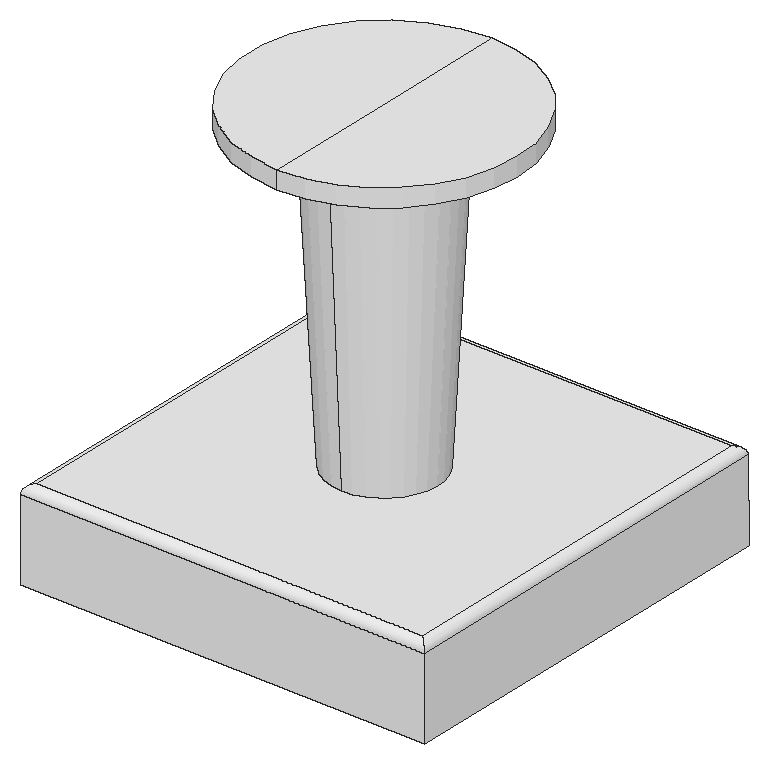
Revit family "Incepa_Acessorios_Neoclassic_Cabide_B5000CICR0", category Plumbing Fixtures, host Face, Revit 2014
Parameters (values of type "Cabide")
  Waste Connection = no
  WFU = 0
  Vent Connection = no
  URL = "http://www.incepa.com.br"
  Type Comments = ""
  Selo de Qualidade ofcdesk = "Standard"
  Model = "B8000I2CR0"
  Metais [instance] = Celite - Cromado
  Manufacturer = "Incepa"
  Keynote = ""
  Incepa: Versão = "Autodesk Revit MEP 2014"
  Incepa: Tipo = "Cabides"
  Incepa: Produto = "Metais"
  Incepa: Norma [instance] = "ABNT NBR 10282: 2003"
  Incepa: Linha = "Neoclassic"
  Incepa: Informações Técnicas = "N/A"
  Incepa: Informações Gerais = "N/A"
  Incepa: Fabricante = "Incepa"
  Incepa: Descrição = "Cabide (B8000I2CR0), linha Neoclassic, Acessórios - Metais Incepa"
  Incepa: Código = "B8000I2CR0"
  Incepa: Cores Disponíveis = "Cromado"
  Incepa: Copyright © = "© 2014 Incepa"
  Incepa: Categoria = "Acessórios"
  Incepa: Altura da Peça [instance] = 0 mm
  HWFU = 0
  HW Connection = no
  Desenvolvido por = "ofcdesk"
  Description = "Cabide (B8000I2CR0), linha Neoclassic, Acessórios - Metais Incepa"
  Default Elevation = 1400 mm
  Cost = 0
  CWFU = 0
  CW Connection = no
  Assembly Code = "D2010"
Reference planes
  plane 1 "Center (Front/Back)": y = 0
  plane 2: z = 0
  plane 3 "Center (Left/Right)": x = 0
Forms (mm)
  Sweep 1, solid, material "Celite - Cromado" <- "Metais"
    path origin (0, 0, 0) x (1, 0, 0) y (0, 1, 0)
      loop
        line (22.5, 22.5) -> (-22.5, 22.5) -> (-22.5, -22.5) -> (22.5, -22.5) -> (22.5, 22.5)
    profile origin (0, 22.5, 0) x (0, -1, 0) y (0, 0, 1)
      loop
        line (0, 0) -> (17.5, 0) -> (17.5, 10) -> (1, 10)
        arc (1, 10) -> (0.293, 9.707) -> (0, 9) r 1
        line (0, 9) -> (0, 0)
  Revolve 2, solid, material "Celite - Cromado" <- "Metais"
    sketch origin (0, 0, 0) x (0, 1, 0) y (0, 0, 1)
      loop
        line (7.693, 44) -> (14.888, 44) -> (14.888, 46) -> (0, 46) -> (0, 7.494) -> (5.78, 7.494) -> (7.693, 44)
      axis (0, 7.494) -> (0, 46)
    angle from 0 to 360
  Extrusion 3, solid, material "Celite - Cromado" <- "Metais"
    sketch origin (0, 0, 0) x (1, 0, 0) y (0, 1, 0)
      loop
        line (5, 5) -> (-5, 5) -> (-5, -5) -> (5, -5) -> (5, 5)
    from 0 to 10
Cuts and joins
  joined: Sweep 1, Revolve 2, Extrusion 3
Dimensions and locks
  Revolve 2 sketch curve to Revolve 2 sketch curve to Revolve 2 sketch curve to Revolve 2 sketch curve = 7.195 mm locked, 1.913 mm locked, 5.78 mm locked
  Revolve 2 sketch curve to Revolve 2 sketch curve to Revolve 2 sketch curve = 2 mm locked, 36.506 mm locked
  aligned and locked: plane 2 to host face
  aligned and locked: level to host face
